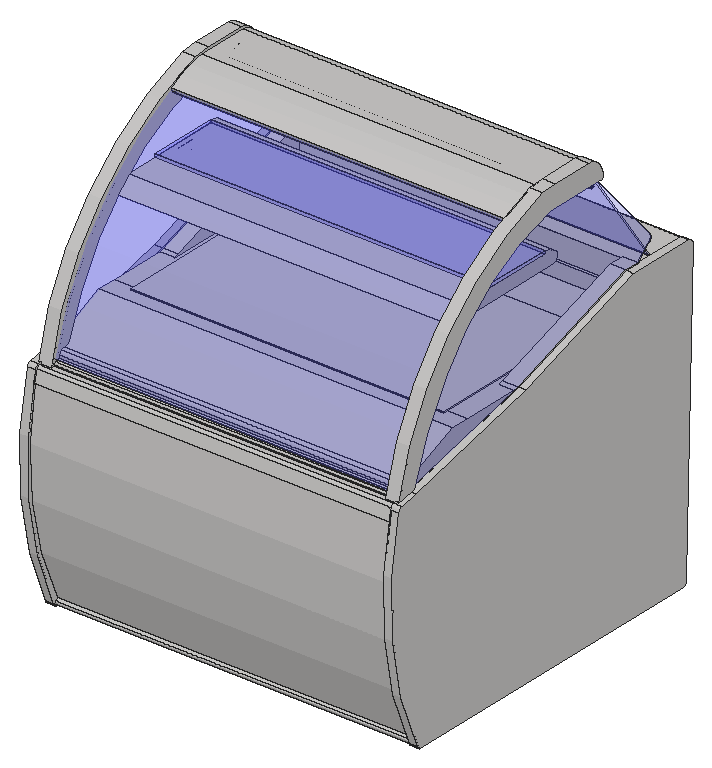
Revit family "Food-Service-Equipment_Oscartek_CS1100-52H", category Specialty Equipment, Revit 2026
Family settings
  Round Connector Dimension = Use Diameter
  Part Type = Normal
  Classification Number = 23.40.40.11
  Work Plane-Based = No
  Enable Cutting in Views = No
  Always vertical = Yes
  Cut with Voids When Loaded = No
  Maintain Annotation Orientation = No
  Shared = No
  Room Calculation Point = No
Parameters
  Weight in Pounds = 239
  Watts = 500 VA  # 500 W
  Volts = 220 V  # constant formula
  URL Cutsheet = "www.oscartek.com"
  URL = "www.oscartek.com"
  Type Mark [instance] = ""
  Type Comments = "As Specified"
  Test Data = "http://www.oscartek.com/company/clients.php"
  Status [instance] = ""
  Specification by User [instance] = ""
  Specification by Manufacturer = ""
  Specification = "https://www.arcat.com/arcatcos/cos48/arc48760.html"
  Show Clearance [instance] = yes
  Serial Number = ""
  Seismic Rating = ""
  Sales Information = "http://www.oscartek.com/company/contact.php"
  SMACNA No = ""
  Revision Code [instance] = ""
  Revision = "R1_2018-10"
  Product Data = "http://www.oscartek.com/support/manuals/"
  Phase = 1  # constant formula
  Omniclass Number and Title = ""
  Number of Poles [instance] = 1
  NAFEM Spec ID Number = ""
  Model = "CS1100-52H"
  Min Ckt Ampacity = 0 A
  Max Overcurrent Protection = 0 A
  Masterspec = ""
  Manufacturer Website = "http://www.oscartek.com/index.php"
  Manufacturer Phone - Toll Free = "855-885-2400"
  Manufacturer Phone = "650-342-2400"
  Manufacturer Fax = "650-342-7400"
  Manufacturer Address = "361 Beach Rd., Burlingame, CA 94010"
  Manufacturer = "OSCARTEK"
  Light Length [instance] = Length - 6.00"  # 39.67"
  Length = 45.67"  # constant formula
  Item Number [instance] = ""
  Installed By [instance] = ""
  Installation-Fabrication = "http://www.oscartek.com/support/manuals/"
  Identify Quantity as Lot [instance] = yes
  Height = 52.73"  # constant formula
  HP = ""
  Green Building-LEED = "https://www.arcat.com/green/green_building.shtml"
  Furnished By [instance] = ""
  Foodservice Equipment Identifier [instance] = yes
  FL Amps = Watts / Volts  # 2.27273 A
  Electrical Remarks [instance] = ""
  Electric Connection Type [instance] = ""
  Elec Conn RI Height [instance] = 0.00"
  Elec Conn Connection Height [instance] = 0.00"
  Drawn By = "Sumex Design, Inc. / Robert S. Weygant, CSI, CDT, SCIP"
  Description = "CORA HOT SHOWCASES"
  Depth = 46.26"  # constant formula
  Default Elevation = 0.00"
  Cycle = 60 Hz  # constant formula
  Copyright = "©Arcat Inc."
  Construction Details = "http://www.oscartek.com/support/manuals/"
  Conn Plug = ""
  Conn Conduit = yes
  Category = ""
  CSI MasterFormat = "11 41 33"
  CSI Master Format = "Foodservice Shelving"
  Building Codes = "https://www.arcat.com/arcatcos/cos48/arc48760.html"
  Body Finish [instance] = QF_Finishes_Stainless Steel
  Base Height [instance] = 4.00"  # constant formula
  Apparent Power = if(Phase = 3, Volts * FL Amps * 1.73, Volts * FL Amps)  # 500 VA
Reference planes (in)
  plane 1 "BACK": y = 0
  plane 2: z = 0
  plane 3 "LEFT": x = 0
  plane 4 "RIGHT": x = 45.67
  plane 5 "FRONT": y = -46.26
  plane 6 "TOP": z = 52.73
  plane 7 "Center Y": x = 22.835
  plane 8 "Center X": y = -23.13
  plane 9: x = 44.97
  plane 10: x = 0.7
  plane 11: x = 44.67
  plane 12: x = 1
  plane 13: x = 3.62036
  plane 14: x = 42.04964
  plane 15: y = -14.82537
  plane 16 "legs": x = 41.13309
  plane 17: z = 5.77955
  plane 18 "Base Height": z = 4
  plane 19: y = -12.1605
Forms (in)
  Extrusion 1, solid, material "QF_Finishes_Stainless Steel" <- "Body Finish"
    sketch origin (0, 0, 0) x (0, 1, 0) y (0, 0, 1)
      loop
        line (-7.54053, 5.22229) -> (-7.54053, 4) -> (-1.91062, 4) -> (-1.91062, 5.22229) -> (-1.79244, 5.22229) -> (-1.79244, 17.9388) -> (-0.94996, 17.9388) -> (-0.94996, 36.36242) -> (-0.10692, 36.36242) -> (-0.10692, 38.06264)
        arc (-0.10692, 38.06264) -> (-0.11975, 38.09361) -> (-0.15073, 38.10644) r 0.0438
        line (-0.15073, 38.10644) -> (-6.9495, 38.10644)
        arc (-6.9495, 38.10644) -> (-6.97709, 38.09501) -> (-6.98852, 38.06742) r 0.03902
        line (-6.98852, 38.06742) -> (-6.98852, 35.26841) -> (-5.16261, 34.91351) -> (-5.16261, 25.63128) -> (-39.51159, 25.63128) -> (-39.51159, 26.4215) -> (-42.82225, 26.4215) -> (-42.82225, 28.25717) -> (-44.50308, 28.25717)
        arc (-44.50308, 28.25717) -> (-44.74203, 28.17546) -> (-44.88275, 27.96554) r 0.39368
        line (-44.88275, 27.96554) -> (-45.24434, 26.61607) -> (-45.14514, 26.58949)
        arc (-45.14514, 26.58949) -> (-45.63093, 13.72956) -> (-41.72178, 1.46855) r 37.33775
        line (-41.72178, 1.46855) -> (-42.0212, 1.21731)
        arc (-42.0212, 1.21731) -> (-42.09542, 0.9403) -> (-41.8605, 0.7758) r 0.25
        line (-41.8605, 0.7758) -> (-40.67989, 0.7758) -> (-40.67989, 1.0332)
        arc (-40.67989, 1.0332) -> (-44.11842, 9.62523) -> (-45.26979, 18.80788) r 36.2573
        line (-45.26979, 18.80788) -> (-41.89313, 18.80788) -> (-41.89313, 17.9703) -> (-33.87906, 17.9703) -> (-33.87906, 5.22229) -> (-33.60347, 5.22229) -> (-33.60347, 4) -> (-27.97356, 4) -> (-27.97356, 5.22229) -> (-7.54053, 5.22229)
    from 1 to 44.67
  Extrusion 2, solid, material "Glass"
    sketch origin (2.3, 0, 54.77047) x (0, 0, 1) y (0, -1, 0)
      loop
        line (-25.91996, 43.7075) -> (-25.98343, 43.41429)
        arc (-25.98343, 43.41429) -> (-12.75972, 36.71119) -> (-3.76382, 24.9268) r 33.25169
        line (-3.76382, 24.9268) -> (-3.49193, 25.05358)
        arc (-3.49193, 25.05358) -> (-12.53727, 36.98798) -> (-25.91996, 43.7075) r 33.06086
    from 0 to 41.07
  Extrusion 3, solid, material "QF_Finishes_Stainless Steel" <- "Body Finish"
    sketch origin (0, 0, 0) x (0, 1, 0) y (0, 0, 1)
      loop
        arc (-0.94756, 1.10041) -> (-0.18043, 19.43567) -> (0.00005, 37.78608) r 573.86181
        arc (0.00005, 37.78608) -> (-0.17667, 38.20723) -> (-0.59889, 38.38135) r 0.59896
        line (-0.59889, 38.38135) -> (-8.94181, 38.38135)
        arc (-8.94181, 38.38135) -> (-17.1246, 35.38304) -> (-25.43949, 32.77335) r 185.03128
        arc (-25.43949, 32.77335) -> (-33.84459, 30.56365) -> (-42.34419, 28.75105) r 185.03124
        line (-42.34419, 28.75105) -> (-44.53594, 28.35093)
        arc (-44.53594, 28.35093) -> (-44.84185, 28.19741) -> (-45.01681, 27.90323) r 0.6096
        arc (-45.01681, 27.90323) -> (-46.03796, 14.13488) -> (-42.19741, 0.87364) r 38.99496
        arc (-42.19741, 0.87364) -> (-41.97006, 0.62344) -> (-41.64494, 0.53075) r 0.61651
        line (-41.64494, 0.53075) -> (-1.55115, 0.53075)
        arc (-1.55115, 0.53075) -> (-1.13617, 0.69565) -> (-0.94756, 1.10041) r 0.60459
    from 0 to 1
  Extrusion 4, solid, material "QF_Finishes_Stainless Steel" <- "Body Finish"
    sketch origin (45.67, 0, 0) x (0, 1, 0) y (0, 0, 1)
      loop
        line (-0.59889, 38.38135) -> (-8.94181, 38.38135)
        arc (-8.94181, 38.38135) -> (-17.1246, 35.38304) -> (-25.43949, 32.77335) r 185.03128
        arc (-25.43949, 32.77335) -> (-33.84459, 30.56365) -> (-42.34419, 28.75105) r 185.03124
        line (-42.34419, 28.75105) -> (-44.53594, 28.35093)
        arc (-44.53594, 28.35093) -> (-44.84185, 28.19741) -> (-45.01681, 27.90323) r 0.6096
        arc (-45.01681, 27.90323) -> (-46.03796, 14.13488) -> (-42.19741, 0.87364) r 38.99496
        arc (-42.19741, 0.87364) -> (-41.97006, 0.62344) -> (-41.64494, 0.53075) r 0.61651
        line (-41.64494, 0.53075) -> (-1.55115, 0.53075)
        arc (-1.55115, 0.53075) -> (-1.13617, 0.69565) -> (-0.94756, 1.10041) r 0.60459
        arc (-0.94756, 1.10041) -> (-0.18043, 19.43567) -> (0.00005, 37.78608) r 573.86181
        arc (0.00005, 37.78608) -> (-0.17667, 38.20723) -> (-0.59889, 38.38135) r 0.59896
    from 0 to -1
  Extrusion 5, solid, material "QF_Finishes_Stainless Steel"
    sketch origin (1.13, 0, 36.88846) x (0, 0, 1) y (0, -1, 0)
      loop
        line (-7.78052, 43.03461) -> (-8.06141, 43.03461) -> (-8.22273, 43.63668)
        arc (-8.22273, 43.63668) -> (-8.31202, 43.77032) -> (-8.46421, 43.82198) r 0.25
        line (-8.46421, 43.82198) -> (-8.63129, 43.82198) -> (-8.63129, 42.82225) -> (-11.25718, 42.82225) -> (-11.25718, 5.79077) -> (-2.39475, 5.79077) -> (-2.39475, 6.38129) -> (-4.25703, 6.38129) -> (-4.25703, 33.09995) -> (-4.25701, 35.43633) -> (-7.32852, 42.36535) -> (-7.16475, 42.36535) -> (-7.34849, 42.75938)
        arc (-7.34849, 42.75938) -> (-7.52439, 42.95996) -> (-7.78052, 43.03461) r 0.47669
    from 0 to 43.41
  Extrusion 6, solid, material "QF_Finishes_Stainless Steel" <- "Body Finish"
    sketch origin (1.13, 0, 36.88846) x (0, 0, 1) y (0, -1, 0)
      loop
        arc (13.92309, 14.08875) -> (13.88544, 14.08943) -> (13.85074, 14.07479) r 0.09094
        line (13.85074, 14.07479) -> (13.41827, 13.77401) -> (13.47325, 13.69496) -> (13.87759, 13.97618) -> (13.96751, 13.84689) -> (13.56316, 13.56568) -> (13.60362, 13.5075) -> (14.29851, 13.99078)
        arc (14.29851, 13.99078) -> (14.37901, 14.19161) -> (14.22647, 14.34505) r 0.19684
        arc (14.22647, 14.34505) -> (14.19835, 14.35562) -> (14.17472, 14.3742) r 0.09842
        arc (14.17472, 14.3742) -> (14.03852, 14.31697) -> (14.17925, 14.27201) r 0.07874
        arc (14.17925, 14.27201) -> (14.19753, 14.28504) -> (14.21996, 14.28595) r 0.03937
        arc (14.21996, 14.28595) -> (14.32169, 14.17702) -> (14.26479, 14.03926) r 0.13779
        line (14.26479, 14.03926) -> (14.12462, 13.94178)
        arc (14.12462, 13.94178) -> (14.08994, 13.93667) -> (14.06493, 13.96124) r 0.03937
        arc (14.06493, 13.96124) -> (14.01049, 14.04332) -> (13.92309, 14.08875) r 0.19684
      loop
        arc (13.12189, 14.36452) -> (13.08424, 14.3652) -> (13.04954, 14.35056) r 0.09094
        line (13.04954, 14.35056) -> (12.61706, 14.04978) -> (12.67204, 13.97073) -> (13.07639, 14.25195) -> (13.1663, 14.12266) -> (12.76195, 13.84145) -> (12.80242, 13.78327) -> (13.4973, 14.26655)
        arc (13.4973, 14.26655) -> (13.57781, 14.46738) -> (13.42527, 14.62081) r 0.19684
        arc (13.42527, 14.62081) -> (13.39714, 14.63139) -> (13.37352, 14.64997) r 0.09842
        arc (13.37352, 14.64997) -> (13.23732, 14.59274) -> (13.37805, 14.54778) r 0.07874
        arc (13.37805, 14.54778) -> (13.39632, 14.56081) -> (13.41875, 14.56172) r 0.03937
        arc (13.41875, 14.56172) -> (13.52048, 14.45279) -> (13.46358, 14.31503) r 0.13779
        line (13.46358, 14.31503) -> (13.32341, 14.21755)
        arc (13.32341, 14.21755) -> (13.28873, 14.21244) -> (13.26372, 14.23701) r 0.03937
        arc (13.26372, 14.23701) -> (13.20928, 14.31909) -> (13.12189, 14.36452) r 0.19684
    from 0 to 43.41
  Extrusion 7, solid, material "QF_Finishes_Stainless Steel"
    sketch origin (0.7, 0, 54.77047) x (0, 0, 1) y (0, -1, 0)
      loop
        arc (-4.26702, 12.94678) -> (-2.57553, 13.44268) -> (-1.84305, 15.04597) r 2.12095
        line (-1.84305, 15.04597) -> (-1.84305, 20.09157)
        arc (-1.84305, 20.09157) -> (-1.89253, 21.10052) -> (-2.04047, 22.09979) r 10.31274
        arc (-2.04047, 22.09979) -> (-11.28599, 36.47351) -> (-26.5133, 44.23318) r 32.75274
        line (-26.5133, 44.23318) -> (-26.5133, 42.03581)
        arc (-26.5133, 42.03581) -> (-20.8393, 39.87451) -> (-15.55436, 36.88538) r 40.30328
        arc (-15.55436, 36.88538) -> (-8.50112, 29.94103) -> (-4.48131, 20.89596) r 26.55211
        line (-4.48131, 20.89596) -> (-4.48131, 13.19422)
        arc (-4.48131, 13.19422) -> (-4.42029, 13.03056) -> (-4.26702, 12.94678) r 0.25
    from 0 to 1.6
  Extrusion 8, solid, material "QF_Finishes_Stainless Steel"
    sketch origin (44.97, 0, 54.77047) x (0, 0, 1) y (0, 1, 0)
      loop
        arc (-15.55436, -36.88538) -> (-20.8393, -39.87451) -> (-26.5133, -42.03581) r 40.30328
        line (-26.5133, -42.03581) -> (-26.5133, -44.23318)
        arc (-26.5133, -44.23318) -> (-11.28599, -36.47351) -> (-2.04047, -22.09979) r 32.75274
        arc (-2.04047, -22.09979) -> (-1.89253, -21.10052) -> (-1.84305, -20.09157) r 10.31274
        line (-1.84305, -20.09157) -> (-1.84305, -15.04597)
        arc (-1.84305, -15.04597) -> (-2.57553, -13.44268) -> (-4.26702, -12.94678) r 2.12095
        arc (-4.26702, -12.94678) -> (-4.42029, -13.03056) -> (-4.48131, -13.19422) r 0.25
        line (-4.48131, -13.19422) -> (-4.48131, -20.89596)
        arc (-4.48131, -20.89596) -> (-8.50112, -29.94103) -> (-15.55436, -36.88538) r 26.55211
    from 0 to 1.6
  Extrusion 9, solid, material "Glass"
    sketch origin (44.67, 0, 36.88846) x (0, 0, 1) y (0, 1, 0)
      loop
        arc (3.94589, -5.23419) -> (3.33105, -5.04036) -> (2.7775, -5.37078) r 0.78737
        arc (2.7775, -5.37078) -> (2.42316, -5.86391) -> (2.05687, -6.34823) r 24.85175
        arc (2.05687, -6.34823) -> (1.44661, -6.83504) -> (0.68122, -6.98852) r 1.65747
        line (0.68122, -6.98852) -> (-10.46696, -6.98852) -> (-10.46696, -44.19833)
        arc (-10.46696, -44.19833) -> (4.43626, -37.7169) -> (14.45057, -24.91734) r 33.06086
        line (14.45057, -24.91734) -> (13.40071, -22.58485) -> (13.40071, -13.4527) -> (3.94589, -5.23419)
    from 0 to 0.13
  Extrusion 10, solid, material "Glass"
    sketch origin (1.13, 0, 36.88846) x (0, 0, 1) y (0, -1, 0)
      loop
        line (13.1663, 14.12266) -> (13.0754, 14.25125) -> (1.21798, 5.86926) -> (1.30888, 5.74067) -> (13.1663, 14.12266)
    from -0.005 to 22.105
  Extrusion 11, solid, material "Glass"
    sketch origin (44.54, 0, 36.88846) x (0, 0, 1) y (0, 1, 0)
      loop
        line (13.96751, -13.84689) -> (1.3079, -5.04239) -> (1.21798, -5.17168) -> (13.87759, -13.97618) -> (13.96751, -13.84689)
    from 0 to 22.105
  Extrusion 12, solid, material "QF_Finishes_Stainless Steel"
    sketch origin (1, 0, 0) x (0, 1, 0) y (0, 0, 1)
      loop
        line (-40.87333, 29.03495) -> (-36.71213, 26.82339) -> (-36.71213, 26.4215) -> (-5.16261, 26.4215) -> (-5.16261, 34.91351) -> (-6.98852, 35.26841) -> (-6.98852, 38.38135) -> (-8.94181, 38.38135)
        arc (-8.94181, 38.38135) -> (-17.1246, 35.38304) -> (-25.43949, 32.77335) r 185.03128
        arc (-25.43949, 32.77335) -> (-29.80269, 31.57359) -> (-34.19393, 30.48088) r 185.03124
        arc (-34.19393, 30.48088) -> (-37.52695, 29.72708) -> (-40.87333, 29.03495) r 185.03124
    from 0 to 1.9
  Extrusion 13, solid, material "QF_Finishes_Stainless Steel"
    sketch origin (44.67, 0, 36.88846) x (0, 0, 1) y (0, 1, 0)
      loop
        arc (-6.40757, -34.19393) -> (-5.31487, -29.80269) -> (-4.11511, -25.43949) r 185.03124
        arc (-4.11511, -25.43949) -> (-1.50541, -17.1246) -> (1.4929, -8.94181) r 185.03128
        line (1.4929, -8.94181) -> (1.4929, -6.98852) -> (-1.62005, -6.98852) -> (-1.97495, -5.16261) -> (-10.46696, -5.16261) -> (-10.46696, -36.71213) -> (-10.06507, -36.71213) -> (-7.85351, -40.87333)
        arc (-7.85351, -40.87333) -> (-7.16138, -37.52695) -> (-6.40757, -34.19393) r 185.03124
    from 0 to 1.9
  Extrusion 14, solid, material "QF_Finishes_Stainless Steel"
    sketch origin (2.3, 0, 54.77047) x (0, 0, 1) y (0, -1, 0)
      loop
        arc (-2.04047, 21.26996) -> (-2.63764, 23.68297) -> (-3.76382, 25.89905) r 10.94679
        line (-3.76382, 25.89905) -> (-4.25174, 25.69193)
        arc (-4.25174, 25.69193) -> (-4.34604, 25.59793) -> (-4.34898, 25.46481) r 0.1784
        line (-4.34898, 25.46481) -> (-4.08766, 22.9785) -> (-4.48131, 22.58485) -> (-4.48131, 20.89596) -> (-2.35542, 20.89596) -> (-2.35542, 15.16453) -> (-4.221, 15.16453) -> (-4.221, 14.91453) -> (-4.73623, 14.91453) -> (-4.73623, 14.43169) -> (-4.54236, 14.43169) -> (-4.54236, 14.51078) -> (-4.65749, 14.51078) -> (-4.65749, 14.82537) -> (-3.94886, 14.82537) -> (-3.94886, 14.15611) -> (-3.73531, 14.15611) -> (-3.73531, 14.23484) -> (-3.85044, 14.23484) -> (-3.85044, 14.82537) -> (-2.29623, 14.82537)
        arc (-2.29623, 14.82537) -> (-2.95692, 13.60137) -> (-4.29744, 13.2303) r 1.77379
        arc (-4.29744, 13.2303) -> (-4.4379, 13.12295) -> (-4.33056, 12.9825) r 0.125
        arc (-4.33056, 12.9825) -> (-2.76164, 13.43815) -> (-2.04047, 14.90411) r 2.02379
        line (-2.04047, 14.90411) -> (-2.04047, 21.26996)
    from 0 to 41.07
  Extrusion 15, solid, material "Glass"
    sketch origin (1, 0, 36.88846) x (0, 0, 1) y (0, -1, 0)
      loop
        line (3.94589, 5.23419) -> (13.40071, 13.4527) -> (13.40071, 22.58485) -> (14.45394, 24.90972)
        arc (14.45394, 24.90972) -> (4.43956, 37.71435) -> (-10.46696, 44.19833) r 33.06086
        line (-10.46696, 44.19833) -> (-10.46696, 6.98852) -> (0.68122, 6.98852)
        arc (0.68122, 6.98852) -> (1.44661, 6.83504) -> (2.05687, 6.34823) r 1.65747
        arc (2.05687, 6.34823) -> (2.42316, 5.86391) -> (2.7775, 5.37078) r 24.85175
        arc (2.7775, 5.37078) -> (3.33105, 5.04036) -> (3.94589, 5.23419) r 0.78737
    from 0 to 0.13
  Extrusion 16, solid, material "QF_Finishes_Stainless Steel"
    sketch origin (2.3, 0, 54.77047) x (0, 0, 1) y (0, -1, 0)
      loop
        arc (-10.3811, 32.34729) -> (-11.15055, 33.18628) -> (-11.95526, 33.99151) r 26.55211
        line (-11.95526, 33.99151) -> (-11.95526, 25.91367)
        arc (-11.95526, 25.91367) -> (-11.07024, 25.91253) -> (-10.49916, 25.23642) r 1.05218
        line (-10.49916, 25.23642) -> (-10.49916, 23.27511)
        arc (-10.49916, 23.27511) -> (-11.07024, 22.59899) -> (-11.95526, 22.59786) r 1.05218
        line (-11.95526, 22.59786) -> (-11.95526, 18.55985)
        arc (-11.95526, 18.55985) -> (-11.38608, 17.97587) -> (-10.6006, 18.195) r 0.79953
        arc (-10.6006, 18.195) -> (-10.1874, 18.84444) -> (-10.05506, 19.60272) r 1.96703
        line (-10.05506, 19.60272) -> (-10.3811, 19.60272) -> (-10.3811, 32.34729)
    from 0 to 41.07
  Extrusion 17, solid, material "QF_Finishes_Stainless Steel"
    sketch origin (43.37, 0, 54.77047) x (0, 0, 1) y (0, -1, 0)
      loop
        line (-10.49916, 23.27511) -> (-10.49916, 25.23642)
        arc (-10.49916, 25.23642) -> (-11.07024, 25.91253) -> (-11.95526, 25.91367) r 1.05218
        line (-11.95526, 25.91367) -> (-11.95526, 22.59786)
        arc (-11.95526, 22.59786) -> (-11.07024, 22.59899) -> (-10.49916, 23.27511) r 1.05218
    from 0 to -0.5
  Extrusion 18, solid, material "QF_Finishes_Stainless Steel"
    sketch origin (2.3, 0, 54.77047) x (0, 0, -1) y (0, -1, 0)
      loop
        arc (11.95526, 25.91367) -> (11.07024, 25.91253) -> (10.49916, 25.23642) r 1.05218
        line (10.49916, 25.23642) -> (10.49916, 23.27511)
        arc (10.49916, 23.27511) -> (11.07024, 22.59899) -> (11.95526, 22.59786) r 1.05218
        line (11.95526, 22.59786) -> (11.95526, 25.91367)
    from 0 to -0.5
  Extrusion 19, solid, material "Glass"
    sketch origin (2.3, -32.34729, 44.38938) x (0, 1, 0) y (-1, 0, 0)
      loop
        line (12.66613, 0) -> (4.00508, 0) -> (4.00508, -41.07) -> (12.66613, -41.07) -> (12.66613, 0)
    from 0 to 0.40326
  Extrusion 20, solid, material "QF_Finishes_Door Clearance", visible <- "Show Clearance", detail levels coarse
    sketch origin (2.3, 0, 54.77047) x (0, 0, -1) y (0, -1, 0)
      loop
        arc (3.27457, 54.06973) -> (-1.31646, 38.20542) -> (2.33904, 22.09979) r 33.06086
        arc (2.33904, 22.09979) -> (11.34268, 35.94495) -> (25.91996, 43.7075) r 33.06086
        arc (25.91996, 43.7075) -> (15.64723, 51.1832) -> (3.27457, 54.06973) r 31.98363
    from 0 to -41.07
  Revolve 21, solid, material "QF_Finishes_Stainless Steel"
    sketch origin (41.13309, -0.01562, 0) x (0, 0, 1) y (0, 1, 0)
      loop
        line (4, -30.77025) -> (0, -30.77025) -> (0, -31.65466) -> (1.30421, -31.65466) -> (1.30421, -31.77277)
        arc (1.30421, -31.77277) -> (1.34411, -31.84352) -> (1.41397, -31.88497) r 0.15748
        line (1.41397, -31.88497) -> (4, -31.88497) -> (4, -30.77025)
      axis (0, -30.77025) -> (4, -30.77025)
    angle from 0 to 360
  Revolve 22, solid, material "QF_Finishes_Stainless Steel"
    sketch origin (4.53691, -0.01562, 0) x (0, 0, 1) y (0, -1, 0)
      loop
        line (4, 30.77025) -> (4, 31.88497) -> (1.41397, 31.88497)
        arc (1.41397, 31.88497) -> (1.34411, 31.84352) -> (1.30421, 31.77277) r 0.15748
        line (1.30421, 31.77277) -> (1.30421, 31.65466) -> (0, 31.65466) -> (0, 30.77025) -> (4, 30.77025)
      axis (0, 30.77025) -> (4, 30.77025)
    angle from 0 to 360
  Revolve 23, solid, material "QF_Finishes_Stainless Steel"
    sketch origin (41.13309, 25.95904, 0) x (0, 0, 1) y (0, 1, 0)
      loop
        line (4, -30.77025) -> (0, -30.77025) -> (0, -31.65466) -> (1.30421, -31.65466) -> (1.30421, -31.77277)
        arc (1.30421, -31.77277) -> (1.34411, -31.84352) -> (1.41397, -31.88497) r 0.15748
        line (1.41397, -31.88497) -> (4, -31.88497) -> (4, -30.77025)
      axis (0, -30.77025) -> (4, -30.77025)
    angle from 0 to 360
  Revolve 24, solid, material "QF_Finishes_Stainless Steel"
    sketch origin (4.53691, 25.95904, 0) x (0, 0, 1) y (0, -1, 0)
      loop
        line (4, 30.77025) -> (4, 31.88497) -> (1.41397, 31.88497)
        arc (1.41397, 31.88497) -> (1.34411, 31.84352) -> (1.30421, 31.77277) r 0.15748
        line (1.30421, 31.77277) -> (1.30421, 31.65466) -> (0, 31.65466) -> (0, 30.77025) -> (4, 30.77025)
      axis (0, 30.77025) -> (4, 30.77025)
    angle from 0 to 360
  Extrusion 25, solid, material "QF_Finishes_Stainless Steel"
    sketch origin (4.5625, -1.79244, 5.18222) x (0, 0, 1) y (1, 0, 0)
      loop
        line (12.69437, 34.13628) -> (10.56839, 34.13628) -> (10.56839, 23.82134) -> (12.69437, 23.82134) -> (12.69437, 34.13628)
    from 0 to 1
  Extrusion 26, solid, material "QF_Finishes_Stainless Steel"
    sketch origin (1.13, -35.42799, 32.63145) x (0, 1, 0) y (-1, 0, 0)
      loop
        line (23.26749, -14.3146) -> (23.26749, -2.49036) -> (1.73663, -2.49036) -> (1.73663, -15.02558) -> (1.73663, -27.8248) -> (1.73663, -40.91964) -> (13.68252, -40.91964) -> (23.26749, -40.91964) -> (23.26749, -27.92934) -> (23.26749, -14.3146)
    from 0 to 0.125
Cuts and joins
  joined: Extrusion 5, Extrusion 7, Extrusion 8
  joined: Extrusion 12, Extrusion 13
  joined: Extrusion 16, Extrusion 17, Extrusion 18
Lines and regions (in)
  Split face 1
    outline origin (4.5625, -0.79244, 5.18222) x (0, 0, 1) y (1, 0, 0)
      loop
        line (12.29069, 32.58986) -> (11.03626, 32.58986)
        arc (11.03626, 32.58986) -> (10.98209, 32.56648) -> (10.96196, 32.51102) r 0.07442
        line (10.96196, 32.51102) -> (10.96196, 25.44659)
        arc (10.96196, 25.44659) -> (10.98278, 25.39178) -> (11.03626, 25.36775) r 0.07659
        line (11.03626, 25.36775) -> (12.29069, 25.36775)
        arc (12.29069, 25.36775) -> (12.34558, 25.39068) -> (12.36787, 25.44583) r 0.07718
        line (12.36787, 25.44583) -> (12.36787, 32.51178)
        arc (12.36787, 32.51178) -> (12.34532, 32.56668) -> (12.29069, 32.58986) r 0.07808
  symbolic lines, style "QF-Surface Details"
    curve 1: line (10.73362, -10.0092, 0) -> (13.9156, -6.82721, 0)
    curve 2: line (10.40315, -11.44987, 0) -> (15.3529, -6.50013, 0)
    curve 3: line (11.99583, -11.27141, 0) -> (15.35459, -7.91265, 0)
    curve 4: line (30.06862, -10.0092, 0) -> (33.2506, -6.82721, 0)
    curve 5: line (29.73815, -11.44987, 0) -> (34.6879, -6.50013, 0)
    curve 6: line (31.33083, -11.27141, 0) -> (34.68959, -7.91265, 0)
    curve 7: line (7.48362, -35.2592, 0) -> (10.6656, -32.07721, 0)
    curve 8: line (7.15315, -36.69987, 0) -> (12.1029, -31.75013, 0)
    curve 9: line (8.74583, -36.52141, 0) -> (12.10459, -33.16265, 0)
    curve 10: line (33.81862, -35.2592, 0) -> (37.0006, -32.07721, 0)
    curve 11: line (33.48815, -36.69987, 0) -> (38.4379, -31.75013, 0)
    curve 12: line (35.08083, -36.52141, 0) -> (38.43959, -33.16265, 0)
    curve 13: line (21.0203, -35.2592, 0) -> (24.20228, -32.07721, 0)
    curve 14: line (20.68983, -36.69987, 0) -> (25.63958, -31.75013, 0)
    curve 15: line (22.28251, -36.52141, 0) -> (25.64127, -33.16265, 0)
  symbolic lines, style "SpecialityEquipment"
    curve 16: line (22.435, -5.04239, 0) -> (22.435, -12.92503, 0)
  symbolic lines
    curve 17: line (44.54, -5.04239, 0) -> (22.435, -5.04239, 0)
    curve 18: line (22.435, -5.74067, 0) -> (1.13, -5.74067, 0)
    curve 19: line (43.37, -14.82537, 0) -> (2.3, -14.82537, 0)
    curve 20: line (0.7, -12.92503, 0) -> (0.7, -44.20017, 0)
    curve 21: line (2.3, -44.20017, 0) -> (2.3, -12.92503, 0)
    curve 22: line (1, -46.24838, 0) -> (1, -44.20017, 0)
    curve 23: line (43.37, -12.92503, 0) -> (43.37, -44.20017, 0)
    curve 24: line (44.97, -44.20017, 0) -> (44.97, -12.92503, 0)
    curve 25: line (44.67, -0.10692, 0) -> (44.67, -12.92503, 0)
    curve 26: line (44.54, -5.04239, 0) -> (44.54, -12.92503, 0)
    curve 27: line (1.13, -12.92503, 0) -> (1.13, -5.03503, 0)
    curve 28: line (0.7, -12.92503, 0) -> (44.97, -12.92503, 0)
    curve 29: line (2.3, -21.26996, 0) -> (43.37, -21.26996, 0)
    curve 30: line (43.37, -25.80676, 0) -> (2.3, -25.80676, 0)
    curve 31: line (2.3, -44.20017, 0) -> (0.7, -44.20017, 0)
    curve 32: line (43.37, -44.20017, 0) -> (44.97, -44.20017, 0)
    curve 33: line (45.67, -46.24838, 0) -> (44.67, -46.24838, 0)
    curve 34: line (0, -46.24838, 0) -> (1, -46.24838, 0)
    curve 35: line (1, -45.24434, 0) -> (44.67, -45.24434, 0)
    curve 36: line (1, -44.50308, 0) -> (44.67, -44.50308, 0)
    curve 37: line (1, -45.97287, 0) -> (44.67, -45.97287, 0)
    curve 38: line (2.3, -43.7075, 0) -> (43.37, -43.7075, 0)
    curve 39: line (1, -0.10692, 0) -> (44.67, -0.10692, 0)
    curve 40: line (44.67, 0, 0) -> (45.67, 0, 0)
    curve 41: line (1, 0.00005, 0) -> (0, 0.00005, 0)
    curve 42: line (45.67, -46.24838, 0) -> (45.67, 0, 0)
    curve 43: line (0, 0.00005, 0) -> (0, -46.24838, 0)
    curve 44: line (1.13, -5.03503, 0) -> (1, -5.03503, 0)
    curve 45: line (44.54, -5.03503, 0) -> (44.67, -5.03503, 0)
    curve 46: line (44.67, -44.20017, 0) -> (44.67, -46.24838, 0)
    curve 47: line (1, -12.92503, 0) -> (1, -0.10692, 0)
  symbolic lines, style "QF-Door Swings"
    curve 48: line (2.3, -45.97287, 0) -> (2.3, -54.06973, 0)
    curve 49: line (2.3, -54.06973, 0) -> (43.37, -54.06973, 0)
    curve 50: line (43.37, -54.06973, 0) -> (43.37, -45.97287, 0)
Dimensions and locks (in)
  equal spacing: plane 3 "LEFT", plane 7 "Center Y", plane 4 "RIGHT"
  "Length": plane 3 "LEFT" to plane 4 "RIGHT"
  equal spacing: plane 5 "FRONT", plane 8 "Center X", plane 1 "BACK"
  "Depth": plane 5 "FRONT" to plane 1 "BACK"
  locked: plane 9 to plane 4 "RIGHT" at 0.7
  locked: plane 10 to plane 3 "LEFT" at 0.7
  locked: Extrusion 8 to plane 9 at 1.6
  locked: Extrusion 7 to plane 10 at 1.6
  locked: plane 11 to plane 4 "RIGHT" at 1
  locked: plane 12 to plane 3 "LEFT" at 1
  locked: Extrusion 9 to plane 4 "RIGHT" at 1.13
  locked: Extrusion 15 to plane 3 "LEFT" at 1.13
  Extrusion 10 to plane 7 "Center Y" to Extrusion 11 = 0.40" locked, 0.40" locked
  equal spacing: plane 14, plane 7 "Center Y", plane 13
  "Height": plane 6 "TOP" to level
  Extrusion 4 sketch curve to Extrusion 4 sketch curve to Extrusion 4 sketch curve to Extrusion 4 sketch curve to Extrusion 4 sketch curve to Extrusion 4 sketch curve to level = 10.03043" locked, 0.44769" locked, 26.80282", 0.22677" locked, 0.34289" locked, 0.53075" locked
  Extrusion 3 sketch curve to Extrusion 3 sketch curve to Extrusion 3 sketch curve to Extrusion 3 sketch curve to Extrusion 3 sketch curve to Extrusion 3 sketch curve to level = 10.03043" locked, 0.44769" locked, 26.80282", 0.22677" locked, 0.34289" locked, 0.53075" locked
  Extrusion 5 sketch curve to Extrusion 5 sketch curve to Extrusion 5 sketch curve to plane 5 "FRONT" = 0.66926" locked, 0.78737" locked, 2.43802" locked
  Extrusion 11 sketch curve to Extrusion 11 sketch curve to plane 1 "BACK" = 0.12928" locked, 5.04239" locked
  Extrusion 11 sketch curve to Extrusion 11 sketch curve to level = 0.08991" locked, 38.10644" locked
  Extrusion 10 sketch curve to Extrusion 10 sketch curve to plane 1 "BACK" = 0.12859" locked, 5.74067" locked
  Extrusion 10 sketch curve to Extrusion 10 sketch curve to level = 0.0909" locked, 38.10644" locked
  locked: nested 1 to plane 6 "TOP" at 0.91621
  Extrusion 14 sketch curve to Extrusion 14 sketch curve to Extrusion 14 sketch curve to Extrusion 14 sketch curve to Extrusion 14 sketch curve to Extrusion 14 sketch curve to Extrusion 14 sketch curve to Extrusion 14 sketch curve to Extrusion 14 sketch curve to Extrusion 14 sketch curve to Extrusion 14 sketch curve to plane 1 "BACK" = 0.37133" locked, 2.54921" locked, 0.39365" locked, 1.68889" locked, 5.73143" locked, 0.25" locked, 0.08916" locked, 0.39368" locked, 0.27558" locked, 1.04971" locked, 13.1064" locked
  plane 6 "TOP" to Extrusion 2 sketch curve to Extrusion 2 sketch curve = 1.45145" locked, 0.2719" locked
  plane 5 "FRONT" to Extrusion 2 sketch curve to Extrusion 2 sketch curve = 2.5525" locked, 0.29321" locked
  plane 8 "Center X" to Extrusion 2 sketch curve to Extrusion 2 sketch curve = 1.7968" locked, 0.12679" locked
  Extrusion 2 sketch curve to Extrusion 2 sketch curve to level = 0.06347" locked, 28.78705" locked
  plane 6 "TOP" to Extrusion 9 sketch curve to Extrusion 9 sketch curve = 1.39097" locked, 1.04987" locked
  Extrusion 9 sketch curve to Extrusion 9 sketch curve to Extrusion 9 sketch curve to Extrusion 9 sketch curve to Extrusion 9 sketch curve to Extrusion 9 sketch curve to level = 1.16838" locked, 0.72064" locked, 1.37565" locked, 11.14818" locked, 0.00" locked, 26.4215" locked
  plane 6 "TOP" to Extrusion 15 sketch curve to Extrusion 15 sketch curve = 1.3876" locked, 1.05323" locked
  Extrusion 15 sketch curve to Extrusion 15 sketch curve to level = 0.00" locked, 26.4215" locked
  plane 6 "TOP" to Extrusion 16 sketch curve to Extrusion 16 sketch curve to Extrusion 16 sketch curve to Extrusion 16 sketch curve = 8.01458", 0.32604" locked, 0.2195" locked, 1.35466" locked
  locked: nested 2 to plane 6 "TOP" at 8.9054
  locked: plane 16 "legs" to plane 4 "RIGHT" at 4.53691
  "Base Height": plane 18 "Base Height" to level
  aligned and locked: level to plane 2
  aligned and locked: plane 11 to Extrusion 4
  aligned and locked: Extrusion 3 to plane 12
  aligned and locked: Extrusion 1 to plane 11
  aligned and locked: Extrusion 2 to Extrusion 8
  aligned and locked: Extrusion 14 to Extrusion 8
  aligned and locked: Extrusion 11 to Extrusion 9
  aligned and locked: Extrusion 6 to Extrusion 9
  aligned and locked: Extrusion 5 to Extrusion 9
  aligned and locked: plane 7 "Center Y" to nested 1
  aligned and locked: curve 16 to Extrusion 11
  aligned and locked: curve 20 to cut or joined group of Extrusion 5, Extrusion 7, Extrusion 8
  aligned and locked: cut or joined group of Extrusion 5, Extrusion 7, Extrusion 8 to curve 21
  aligned and locked: curve 22 to Extrusion 3
  aligned and locked: curve 23 to cut or joined group of Extrusion 5, Extrusion 7, Extrusion 8
  aligned and locked: cut or joined group of Extrusion 5, Extrusion 7, Extrusion 8 to curve 24
  aligned and locked: Extrusion 4 to curve 25
  aligned and locked: Extrusion 9 sketch curve to Extrusion 2
  aligned and locked: Extrusion 15 sketch curve to Extrusion 9
  aligned and locked: plane 7 "Center Y" to nested 2
  aligned and locked: cut or joined group of Extrusion 16, Extrusion 17, Extrusion 18 to cut or joined group of Extrusion 5, Extrusion 7, Extrusion 8
  aligned and locked: Extrusion 20 to cut or joined group of Extrusion 5, Extrusion 7, Extrusion 8
  aligned and locked: curve 50 to Extrusion 20
  aligned and locked: Extrusion 26 to plane 19
Automatic sketch dimensions
  plane 18 "Base Height" to Extrusion 1 sketch curve = 0.00"  (x2)
  Extrusion 1 sketch curve to plane 5 "FRONT" = 0.99021"
  Extrusion 1 sketch curve to plane 5 "FRONT" = 1.01566"
  Extrusion 1 sketch curve to Extrusion 1 sketch curve = 0.0992"
  Extrusion 1 sketch curve to plane 5 "FRONT" = 1.37725"
  Extrusion 1 sketch curve to Extrusion 1 sketch curve = 0.00057"
  Extrusion 1 sketch curve to Extrusion 1 sketch curve = 0.37909"
  Extrusion 1 sketch curve to Extrusion 1 sketch curve = 0.00118"
  Extrusion 1 sketch curve to Extrusion 1 sketch curve = 1.68083"
  level to Extrusion 1 sketch curve = 1.21731"
  Extrusion 1 sketch curve to plane 5 "FRONT" = 4.2388"
  Extrusion 1 sketch curve to Extrusion 1 sketch curve = 3.37666"
  Extrusion 1 sketch curve to Extrusion 1 sketch curve = 0.1607"
  Extrusion 1 sketch curve to Extrusion 1 sketch curve = 0.29942"
  level to Extrusion 1 sketch curve = 0.7758"
  Extrusion 1 sketch curve to Extrusion 1 sketch curve = 1.18061"
  Extrusion 1 sketch curve to Extrusion 1 sketch curve = 3.31067"
  Extrusion 1 sketch curve to Extrusion 1 sketch curve = 8.01406"
  Extrusion 1 sketch curve to Extrusion 1 sketch curve = 0.27559"
  Extrusion 1 sketch curve to plane 8 "Center X" = 4.84356"
  plane 15 to Extrusion 1 sketch curve = 5.81269"
  Extrusion 1 sketch curve to Extrusion 1 sketch curve = 0.37756"
  plane 15 to Extrusion 1 sketch curve = 7.28484"
  plane 1 "BACK" to Extrusion 1 sketch curve = 6.98852"
  Extrusion 1 sketch curve to Extrusion 1 sketch curve = 0.03902"
  Extrusion 1 sketch curve to Extrusion 1 sketch curve = 1.82591"
  plane 1 "BACK" to Extrusion 1 sketch curve = 1.91062"
  Extrusion 1 sketch curve to Extrusion 1 sketch curve = 0.11818"
  Extrusion 1 sketch curve to Extrusion 1 sketch curve = 0.84248"
  plane 1 "BACK" to Extrusion 1 sketch curve = 0.15073"
  Extrusion 1 sketch curve to Extrusion 1 sketch curve = 0.0438"
  Extrusion 1 sketch curve to Extrusion 1 sketch curve = 0.25739"
  Extrusion 1 sketch curve to Extrusion 1 sketch curve = 0.25124"
  Extrusion 1 sketch curve to plane 17 = 0.55726"  (x3)
  plane 17 to Extrusion 1 sketch curve = 12.15925"
  plane 17 to Extrusion 1 sketch curve = 12.19075"
  Extrusion 1 sketch curve to Extrusion 1 sketch curve = 0.75167"
  Extrusion 1 sketch curve to Extrusion 1 sketch curve = 0.08069"
  Extrusion 1 sketch curve to Extrusion 1 sketch curve = 6.86012"
  Extrusion 1 sketch curve to Extrusion 1 sketch curve = 0.16799"
  Extrusion 1 sketch curve to Extrusion 1 sketch curve = 0.02658"
  Extrusion 1 sketch curve to Extrusion 1 sketch curve = 0.10205"
  Extrusion 1 sketch curve to Extrusion 1 sketch curve = 0.00015"
  Extrusion 1 sketch curve to Extrusion 1 sketch curve = 9.28223"
  Extrusion 1 sketch curve to Extrusion 1 sketch curve = 0.35489"
  Extrusion 1 sketch curve to Extrusion 1 sketch curve = 1.44891"
  Extrusion 1 sketch curve to Extrusion 1 sketch curve = 1.70021"
  Extrusion 3 sketch curve to plane 6 "TOP" = 18.47605"
  plane 5 "FRONT" to Extrusion 3 sketch curve = 527.59088"
  plane 5 "FRONT" to Extrusion 3 sketch curve = 30.41518"
  Extrusion 3 sketch curve to Extrusion 3 sketch curve = 0.00001"
  Extrusion 3 sketch curve to plane 5 "FRONT" = 1.24319"
  Extrusion 3 sketch curve to Extrusion 3 sketch curve = 0.00"  (x2)
  Extrusion 3 sketch curve to Extrusion 3 sketch curve = 0.48087"
  Extrusion 3 sketch curve to Extrusion 3 sketch curve = 0.10948"
  Extrusion 3 sketch curve to Extrusion 3 sketch curve = 2.19175"
  level to Extrusion 3 sketch curve = 0.87364"
  Extrusion 3 sketch curve to Extrusion 3 sketch curve = 2.22905"
  Extrusion 3 sketch curve to plane 8 "Center X" = 2.30949"
  plane 15 to Extrusion 3 sketch curve = 5.88356"
  plane 1 "BACK" to Extrusion 3 sketch curve = 1.55115"
  plane 1 "BACK" to Extrusion 3 sketch curve = 0.59889"
  Extrusion 3 sketch curve to plane 1 "BACK" = 0.00005"
  Extrusion 3 sketch curve to Extrusion 3 sketch curve = 0.40012"
  Extrusion 3 sketch curve to Extrusion 3 sketch curve = 4.0223"
  Extrusion 4 sketch curve to plane 6 "TOP" = 18.47605"
  plane 5 "FRONT" to Extrusion 4 sketch curve = 527.59088"
  plane 5 "FRONT" to Extrusion 4 sketch curve = 30.41518"
  Extrusion 4 sketch curve to Extrusion 4 sketch curve = 0.00001"
  Extrusion 4 sketch curve to plane 5 "FRONT" = 1.24319"
  Extrusion 4 sketch curve to Extrusion 4 sketch curve = 0.00"  (x2)
  Extrusion 4 sketch curve to Extrusion 4 sketch curve = 0.48087"
  Extrusion 4 sketch curve to Extrusion 4 sketch curve = 0.10948"
  Extrusion 4 sketch curve to Extrusion 4 sketch curve = 2.19175"
  level to Extrusion 4 sketch curve = 0.87364"
  Extrusion 4 sketch curve to Extrusion 4 sketch curve = 2.22905"
  Extrusion 4 sketch curve to plane 8 "Center X" = 2.30949"
  plane 15 to Extrusion 4 sketch curve = 5.88356"
  plane 1 "BACK" to Extrusion 4 sketch curve = 1.55115"
  plane 1 "BACK" to Extrusion 4 sketch curve = 0.59889"
  Extrusion 4 sketch curve to plane 1 "BACK" = 0.00005"
  Extrusion 4 sketch curve to Extrusion 4 sketch curve = 0.40012"
  Extrusion 4 sketch curve to Extrusion 4 sketch curve = 4.0223"
  Extrusion 7 sketch curve to plane 6 "TOP" = 0.00"
  plane 15 to Extrusion 7 sketch curve = 0.22061"
  plane 6 "TOP" to Extrusion 7 sketch curve = 1.92353"
  Extrusion 7 sketch curve to Extrusion 7 sketch curve = 0.26731"
  Extrusion 7 sketch curve to Extrusion 7 sketch curve = 0.03572"
  Extrusion 7 sketch curve to Extrusion 7 sketch curve = 0.00"  (x2)
  Extrusion 7 sketch curve to plane 8 "Center X" = 2.23404"
  Extrusion 7 sketch curve to Extrusion 7 sketch curve = 2.44083"
  Extrusion 7 sketch curve to plane 8 "Center X" = 3.03843"
  Extrusion 7 sketch curve to Extrusion 7 sketch curve = 7.67448"
  plane 6 "TOP" to Extrusion 7 sketch curve = 13.51388"
  plane 5 "FRONT" to Extrusion 7 sketch curve = 4.22419"
  Extrusion 7 sketch curve to Extrusion 7 sketch curve = 10.95895"
  Extrusion 7 sketch curve to plane 15 = 0.00125"
  Extrusion 7 sketch curve to Extrusion 7 sketch curve = 18.17406"
  Extrusion 7 sketch curve to Extrusion 7 sketch curve = 2.92565"
  plane 5 "FRONT" to Extrusion 7 sketch curve = 2.02682"
  Extrusion 8 sketch curve to plane 6 "TOP" = 0.00"
  Extrusion 8 sketch curve to plane 15 = 0.22061"
  Extrusion 8 sketch curve to plane 6 "TOP" = 1.92353"
  Extrusion 8 sketch curve to Extrusion 8 sketch curve = 0.26731"
  Extrusion 8 sketch curve to Extrusion 8 sketch curve = 0.03572"
  Extrusion 8 sketch curve to Extrusion 8 sketch curve = 0.00"  (x2)
  plane 8 "Center X" to Extrusion 8 sketch curve = 2.23404"
  Extrusion 8 sketch curve to Extrusion 8 sketch curve = 2.44083"
  plane 8 "Center X" to Extrusion 8 sketch curve = 3.03843"
  Extrusion 8 sketch curve to Extrusion 8 sketch curve = 7.67448"
  Extrusion 8 sketch curve to plane 6 "TOP" = 13.51388"
  Extrusion 8 sketch curve to plane 5 "FRONT" = 2.02682"
  Extrusion 8 sketch curve to Extrusion 8 sketch curve = 10.95895"
  plane 15 to Extrusion 8 sketch curve = 0.00125"
  plane 17 to Extrusion 8 sketch curve = 18.66107"
  plane 15 to Extrusion 8 sketch curve = 2.64348"
  plane 1 "BACK" to Extrusion 8 sketch curve = 3.39873"
  Extrusion 13 sketch curve to Extrusion 13 sketch curve = 0.00"  (x2)
  Extrusion 13 sketch curve to plane 5 "FRONT" = 9.54787"
  plane 17 to Extrusion 13 sketch curve = 20.64195"
  Extrusion 13 sketch curve to Extrusion 13 sketch curve = 0.40189"
  Extrusion 13 sketch curve to plane 5 "FRONT" = 5.38667"
  Extrusion 13 sketch curve to Extrusion 13 sketch curve = 2.21156"
  Extrusion 13 sketch curve to Extrusion 13 sketch curve = 3.6575"
  Extrusion 13 sketch curve to plane 8 "Center X" = 2.30949"
  Extrusion 13 sketch curve to Extrusion 13 sketch curve = 2.29247"
  plane 1 "BACK" to Extrusion 13 sketch curve = 5.16261"
  Extrusion 13 sketch curve to Extrusion 13 sketch curve = 8.49201"
  Extrusion 13 sketch curve to Extrusion 13 sketch curve = 0.35489"
  Extrusion 13 sketch curve to Extrusion 13 sketch curve = 3.11295"
  plane 5 "FRONT" to Extrusion 13 sketch curve = 30.41517"
  Extrusion 13 sketch curve to Extrusion 13 sketch curve = 0.00004"
  Extrusion 13 sketch curve to Extrusion 13 sketch curve = 0.00001"
  Extrusion 13 sketch curve to Extrusion 13 sketch curve = 1.9533"
  plane 6 "TOP" to Extrusion 20 sketch curve = 0.29857"
  Extrusion 20 sketch curve to Extrusion 20 sketch curve = 0.00"
  plane 6 "TOP" to Extrusion 20 sketch curve = 1.2341"
  plane 5 "FRONT" to Extrusion 20 sketch curve = 2.5525"
  Extrusion 20 sketch curve to plane 17 = 23.07097"
  Extrusion 20 sketch curve to Extrusion 20 sketch curve = 5.8103"
  Extrusion 20 sketch curve to plane 15 = 3.25556"
  Extrusion 20 sketch curve to level = 21.09232"
  Extrusion 20 sketch curve to plane 5 "FRONT" = 7.80973"
  Revolve 21 sketch curve to level = 0.00"
  plane 18 "Base Height" to Revolve 21 sketch curve = 0.00"  (x2)
  level to Revolve 21 sketch curve = 1.30421"
  Revolve 21 sketch curve to Revolve 21 sketch curve = 0.10976"
  Revolve 21 sketch curve to Revolve 21 sketch curve = 0.04272"
  Revolve 21 sketch curve to Revolve 21 sketch curve = 0.50"
  Revolve 21 sketch curve to plane 8 "Center X" = 8.7706"
  Revolve 21 sketch curve to Revolve 21 sketch curve = 0.1122"
  Revolve 21 sketch curve to Revolve 21 sketch curve = 0.11811"
  Revolve 21 sketch curve to Revolve 21 sketch curve = 1.11472"
  Revolve 21 sketch curve to Revolve 21 sketch curve = 0.00"
  Revolve 22 sketch curve to level = 0.00"
  plane 18 "Base Height" to Revolve 22 sketch curve = 0.00"  (x2)
  level to Revolve 22 sketch curve = 1.30421"
  Revolve 22 sketch curve to Revolve 22 sketch curve = 0.10976"
  Revolve 22 sketch curve to Revolve 22 sketch curve = 0.15248"
  Revolve 22 sketch curve to plane 18 "Base Height" = 0.50"
  Revolve 22 sketch curve to plane 8 "Center X" = 7.65588"
  Revolve 22 sketch curve to Revolve 22 sketch curve = 0.00"
  Revolve 22 sketch curve to Revolve 22 sketch curve = 0.88441"
  Revolve 22 sketch curve to Revolve 22 sketch curve = 0.07874"
  Revolve 22 sketch curve to Revolve 22 sketch curve = 0.11811"
  Revolve 23 sketch curve to level = 0.00"
  plane 18 "Base Height" to Revolve 23 sketch curve = 0.00"  (x2)
  level to Revolve 23 sketch curve = 1.30421"
  Revolve 23 sketch curve to Revolve 23 sketch curve = 0.10976"
  Revolve 23 sketch curve to Revolve 23 sketch curve = 0.04272"
  Revolve 23 sketch curve to Revolve 23 sketch curve = 0.50"
  plane 1 "BACK" to Revolve 23 sketch curve = 5.92593"
  Revolve 23 sketch curve to Revolve 23 sketch curve = 0.1122"
  Revolve 23 sketch curve to Revolve 23 sketch curve = 0.11811"
  Revolve 23 sketch curve to Revolve 23 sketch curve = 1.11472"
  Revolve 23 sketch curve to Revolve 23 sketch curve = 0.00"
  Revolve 24 sketch curve to level = 0.00"
  plane 18 "Base Height" to Revolve 24 sketch curve = 0.00"  (x2)
  level to Revolve 24 sketch curve = 1.30421"
  Revolve 24 sketch curve to Revolve 24 sketch curve = 0.10976"
  Revolve 24 sketch curve to Revolve 24 sketch curve = 0.04272"
  Revolve 24 sketch curve to plane 18 "Base Height" = 0.50"
  plane 1 "BACK" to Revolve 24 sketch curve = 4.81121"
  Revolve 24 sketch curve to Revolve 24 sketch curve = 0.00"
  Revolve 24 sketch curve to Revolve 24 sketch curve = 0.88441"
  Revolve 24 sketch curve to Revolve 24 sketch curve = 0.07874"
  Revolve 24 sketch curve to Revolve 24 sketch curve = 0.11811"
  curve 41 to plane 3 "LEFT" = 0.00"
  curve 44 to plane 12 = 0.00"
  curve 41 to plane 12 = 0.00"
  curve 35 to plane 11 = 0.00"
  plane 1 "BACK" to curve 40 = 0.00"
  curve 40 to plane 11 = 0.00"
  curve 33 to plane 4 "RIGHT" = 0.00"
  curve 19 to plane 15 = 0.00"
  curve 44 to curve 44 = 0.13"
  curve 48 to plane 5 "FRONT" = 0.28713"
  curve 37 to curve 48 = 1.30"
  curve 8 to plane 13 = 3.53279"
  curve 8 to curve 7 = 0.33047"
  curve 2 to curve 1 = 0.33047"
  curve 8 to curve 9 = 1.59268"
  plane 15 to curve 3 = 3.55396"
  curve 2 to curve 3 = 1.59268"
  curve 7 to curve 7 = 3.18198"
  curve 1 to curve 1 = 3.18198"
  curve 7 to curve 8 = 1.4373"
  curve 1 to curve 2 = 1.4373"
  curve 2 to curve 3 = 0.00169"
  curve 8 to curve 9 = 0.00169"
  curve 14 to plane 7 "Center Y" = 2.14517"
  curve 13 to plane 7 "Center Y" = 1.8147"
  curve 15 to plane 7 "Center Y" = 0.55249"
  plane 7 "Center Y" to curve 13 = 1.36728"
  curve 13 to curve 14 = 1.4373"
  curve 14 to curve 15 = 0.00169"
  plane 15 to curve 5 = 3.37549"
  curve 5 to curve 4 = 0.33047"
  curve 11 to curve 10 = 0.33047"
  plane 15 to curve 6 = 3.55396"
  curve 5 to curve 6 = 1.59268"
  curve 11 to curve 12 = 1.59268"
  curve 4 to curve 4 = 3.18198"
  curve 4 to curve 5 = 1.4373"
  curve 10 to curve 11 = 1.4373"
  curve 11 to curve 12 = 0.00169"
  curve 5 to curve 6 = 0.00169"
  plane 11 to curve 26 = 0.13"
  curve 45 to curve 17 = 0.00"
  curve 43 to plane 5 "FRONT" = 0.01162"
  curve 33 to plane 5 "FRONT" = 0.01162"
  plane 5 "FRONT" to curve 48 = 7.80973"
  curve 37 to curve 35 = 0.72853"
  curve 35 to curve 36 = 0.74125"
  curve 36 to curve 32 = 0.30291"
  curve 36 to curve 21 = 0.30291"
  curve 21 to curve 38 = 0.49267"
  curve 8 to plane 5 "FRONT" = 9.56013"
  curve 14 to curve 11 = 0.00"
  curve 14 to curve 15 = 0.17847"
  curve 11 to curve 12 = 0.17847"
  curve 8 to curve 9 = 0.17847"
  curve 8 to curve 7 = 1.44068"
  curve 14 to curve 13 = 1.44068"
  curve 11 to curve 10 = 1.44068"
  curve 12 to curve 12 = 3.35876"
  curve 15 to curve 15 = 3.35876"
  curve 9 to curve 9 = 3.35876"
  curve 9 to curve 7 = 1.08544"
  curve 12 to curve 10 = 1.08544"
  curve 15 to curve 13 = 1.08544"
  curve 15 to curve 14 = 1.41252"
  curve 12 to curve 11 = 1.41252"
  plane 8 "Center X" to curve 29 = 1.86004"
  plane 15 to curve 27 = 1.90034"
  curve 2 to curve 3 = 0.17847"
  curve 5 to curve 4 = 1.44068"
  curve 2 to curve 1 = 1.44068"
  curve 3 to curve 3 = 3.35876"
  curve 6 to curve 6 = 3.35876"
  curve 3 to curve 1 = 1.08544"
  curve 6 to curve 4 = 1.08544"
  curve 6 to curve 5 = 1.41252"
  curve 3 to curve 2 = 1.41252"
  plane 1 "BACK" to curve 18 = 5.74067"
  curve 18 to curve 17 = 0.69827"
  curve 17 to curve 45 = 0.00736"
  curve 18 to curve 44 = 0.70564"
  plane 1 "BACK" to curve 47 = 0.10692"
  curve 43 to plane 1 "BACK" = 0.00005"
  Extrusion 2 sketch curve to Extrusion 7 = 7.16486"
  Extrusion 2 sketch curve to Extrusion 2 sketch curve = 0.34919"
  Extrusion 5 sketch curve to Extrusion 15 = 0.79022"
  Extrusion 15 to Extrusion 5 sketch curve = 1.83567"
  Extrusion 5 sketch curve to Extrusion 5 sketch curve = 0.16707"
  Extrusion 5 sketch curve to Extrusion 5 sketch curve = 0.24148"
  Extrusion 5 sketch curve to Extrusion 5 sketch curve = 0.56988"
  Extrusion 5 sketch curve to Extrusion 5 sketch curve = 0.28089"
  Extrusion 5 sketch curve to Extrusion 5 sketch curve = 0.43203"
  Extrusion 5 sketch curve to Extrusion 5 sketch curve = 0.01997"
  Extrusion 5 sketch curve to Extrusion 5 sketch curve = 0.16377"
  Extrusion 5 sketch curve to Extrusion 15 = 0.60722"
  Extrusion 5 sketch curve to Extrusion 5 sketch curve = 1.86228"
  Extrusion 5 sketch curve to Extrusion 5 sketch curve = 0.1853"
  Extrusion 5 sketch curve to Extrusion 5 sketch curve = 0.21236"
  Extrusion 5 sketch curve to Extrusion 5 sketch curve = 0.39403"
  Extrusion 5 sketch curve to Extrusion 5 sketch curve = 6.92902"
  Extrusion 5 sketch curve to Extrusion 5 sketch curve = 2.33638"
  Extrusion 5 sketch curve to Extrusion 5 sketch curve = 0.59053"
  Extrusion 6 sketch curve to Extrusion 6 sketch curve = 0.00"  (x16)
  Extrusion 15 to Extrusion 6 sketch curve = 0.78365"
  Extrusion 6 sketch curve to Extrusion 6 sketch curve = 0.05498"
  Extrusion 6 sketch curve to Extrusion 6 sketch curve = 0.08991"  (x2)
  Extrusion 6 sketch curve to Extrusion 6 sketch curve = 0.04046"  (x2)
  Extrusion 15 to Extrusion 6 sketch curve = 0.35117"
  Extrusion 6 sketch curve to Extrusion 6 sketch curve = 0.02685"  (x2)
  Extrusion 6 sketch curve to Extrusion 6 sketch curve = 0.00129"  (x2)
  Extrusion 6 sketch curve to Extrusion 6 sketch curve = 0.02508"  (x2)
  Extrusion 6 sketch curve to Extrusion 6 sketch curve = 0.07235"  (x2)
  Extrusion 6 sketch curve to Extrusion 6 sketch curve = 0.08862"  (x2)
  Extrusion 15 to Extrusion 6 sketch curve = 0.13698"
  Extrusion 6 sketch curve to Extrusion 6 sketch curve = 0.03721"  (x2)
  Extrusion 15 to Extrusion 6 sketch curve = 0.08473"
  Extrusion 6 sketch curve to Extrusion 6 sketch curve = 0.02248"  (x2)
  Extrusion 15 to Extrusion 6 sketch curve = 0.02719"
  Extrusion 15 to Extrusion 6 sketch curve = 0.02266"
  Extrusion 15 to Extrusion 6 sketch curve = 0.0158"
  Extrusion 6 sketch curve to Extrusion 15 = 0.00837"
  Extrusion 6 sketch curve to Extrusion 15 = 0.01756"
  Extrusion 6 sketch curve to Extrusion 15 = 0.01804"
  Extrusion 6 sketch curve to Extrusion 15 = 0.02456"
  Extrusion 6 sketch curve to Extrusion 15 = 0.04474"
  Extrusion 6 sketch curve to Extrusion 15 = 0.06288"
  Extrusion 6 sketch curve to Extrusion 15 = 0.07254"
  Extrusion 6 sketch curve to Extrusion 6 sketch curve = 0.03372"  (x2)
  Extrusion 6 sketch curve to Extrusion 6 sketch curve = 0.35344"
  Extrusion 6 sketch curve to Extrusion 6 sketch curve = 0.09742"
  Extrusion 6 sketch curve to Extrusion 6 sketch curve = 0.19409"
  Extrusion 6 sketch curve to Extrusion 6 sketch curve = 0.05754"
  Extrusion 6 sketch curve to Extrusion 6 sketch curve = 0.06207"
  Extrusion 6 sketch curve to Extrusion 6 sketch curve = 0.00687"
  Extrusion 6 sketch curve to Extrusion 6 sketch curve = 0.03104"
  Extrusion 6 sketch curve to Extrusion 6 sketch curve = 0.00967"
  Extrusion 6 sketch curve to Extrusion 6 sketch curve = 0.05175"
  Extrusion 6 sketch curve to Extrusion 6 sketch curve = 0.07193"
  Extrusion 6 sketch curve to Extrusion 6 sketch curve = 0.07867"
  Extrusion 15 to Extrusion 6 sketch curve = 7.72863"
  Extrusion 6 sketch curve to Extrusion 6 sketch curve = 0.17482"
  Extrusion 6 sketch curve to Extrusion 6 sketch curve = 0.06363"  (x2)
  Extrusion 6 sketch curve to Extrusion 6 sketch curve = 0.01396"  (x2)
  plane 17 to Extrusion 9 sketch curve = 13.52905"
  Extrusion 9 sketch curve to Extrusion 9 sketch curve = 1.30966"
  Extrusion 9 sketch curve to Extrusion 9 sketch curve = 0.00"  (x2)
  Extrusion 9 sketch curve to Extrusion 9 sketch curve = 0.64497"
  plane 8 "Center X" to Extrusion 9 sketch curve = 0.54515"
  plane 15 to Extrusion 9 sketch curve = 1.37267"
  plane 1 "BACK" to Extrusion 9 sketch curve = 6.98852"
  Extrusion 9 sketch curve to Extrusion 9 sketch curve = 0.64028"
  Extrusion 15 to Extrusion 10 sketch curve = 0.32531"
  Extrusion 10 sketch curve to Extrusion 10 sketch curve = 0.0909"
  Extrusion 15 to Extrusion 10 sketch curve = 7.13415"
  Extrusion 10 sketch curve to Extrusion 10 sketch curve = 0.12859"
  Extrusion 9 to Extrusion 11 sketch curve = 0.47689"
  Extrusion 11 sketch curve to Extrusion 11 sketch curve = 0.08991"
  Extrusion 11 sketch curve to Extrusion 9 = 6.85838"
  Extrusion 11 sketch curve to Extrusion 11 sketch curve = 0.12928"
  Extrusion 12 sketch curve to Extrusion 12 sketch curve = 0.00"
  Extrusion 12 sketch curve to Extrusion 3 = 0.00"
  Extrusion 12 sketch curve to Extrusion 3 = 9.34641"
  Extrusion 12 sketch curve to Extrusion 3 = 11.55797"
  Extrusion 12 sketch curve to Extrusion 12 sketch curve = 4.1612"
  Extrusion 12 sketch curve to Extrusion 12 sketch curve = 2.51819"
  Extrusion 12 sketch curve to Extrusion 3 = 5.608"
  Extrusion 12 sketch curve to Extrusion 12 sketch curve = 1.9533"
  Extrusion 12 sketch curve to Extrusion 12 sketch curve = 1.82591"
  Extrusion 12 sketch curve to Extrusion 12 sketch curve = 0.40189"
  Extrusion 12 sketch curve to Extrusion 3 = 3.46784"
  Extrusion 12 sketch curve to Extrusion 12 sketch curve = 0.35489"
  Extrusion 14 sketch curve to Extrusion 14 sketch curve = 0.00"  (x5)
  Extrusion 14 sketch curve to Extrusion 7 = 0.00"
  Extrusion 14 sketch curve to Extrusion 7 = 0.06106"
  Extrusion 14 sketch curve to Extrusion 7 = 0.17619"
  Extrusion 14 sketch curve to Extrusion 14 sketch curve = 0.07874"  (x2)
  Extrusion 14 sketch curve to Extrusion 7 = 8.41525"
  Extrusion 7 to Extrusion 14 sketch curve = 0.13233"
  Extrusion 7 to Extrusion 14 sketch curve = 0.15075"
  Extrusion 14 sketch curve to Extrusion 14 sketch curve = 0.01656"
  Extrusion 7 to Extrusion 14 sketch curve = 0.22957"
  Extrusion 7 to Extrusion 14 sketch curve = 0.2603"
  Extrusion 14 sketch curve to Extrusion 14 sketch curve = 0.06971"
  Extrusion 7 to Extrusion 14 sketch curve = 0.39365"
  Extrusion 14 sketch curve to Extrusion 14 sketch curve = 0.1585"
  Extrusion 7 to Extrusion 14 sketch curve = 0.53245"
  Extrusion 14 sketch curve to Extrusion 14 sketch curve = 0.09842"
  Extrusion 14 sketch curve to Extrusion 14 sketch curve = 0.48792"
  Extrusion 14 sketch curve to Extrusion 14 sketch curve = 0.11513"
  Extrusion 7 to Extrusion 14 sketch curve = 0.51237"
  Extrusion 14 sketch curve to Extrusion 14 sketch curve = 0.05919"
  Extrusion 7 to Extrusion 14 sketch curve = 0.19742"
  Extrusion 14 sketch curve to Extrusion 14 sketch curve = 0.16422"
  Extrusion 14 sketch curve to Extrusion 14 sketch curve = 0.374"
  Extrusion 14 sketch curve to Extrusion 14 sketch curve = 0.07909"
  Extrusion 15 sketch curve to plane 17 = 13.52905"
  Extrusion 15 sketch curve to Extrusion 15 sketch curve = 11.14818"
  Extrusion 15 sketch curve to Extrusion 15 sketch curve = 0.06599"
  Extrusion 15 sketch curve to Extrusion 15 sketch curve = 1.37565"
  Extrusion 15 sketch curve to Extrusion 15 sketch curve = 0.00"  (x2)
  Extrusion 15 sketch curve to Extrusion 15 sketch curve = 0.72064"
  Extrusion 15 sketch curve to Extrusion 15 sketch curve = 0.64497"
  Extrusion 15 sketch curve to Extrusion 15 sketch curve = 0.52341"
  Extrusion 15 sketch curve to plane 8 "Center X" = 0.54515"
  Extrusion 15 sketch curve to plane 15 = 1.37267"
  Extrusion 15 sketch curve to plane 1 "BACK" = 6.98852"
  Extrusion 15 sketch curve to Extrusion 15 sketch curve = 0.64028"
  Extrusion 16 sketch curve to Extrusion 16 sketch curve = 0.06625"
  Extrusion 16 sketch curve to Extrusion 16 sketch curve = 1.57417"
  Extrusion 16 sketch curve to Extrusion 16 sketch curve = 0.44129"  (x2)
  Extrusion 16 sketch curve to Extrusion 16 sketch curve = 0.77711"
  Extrusion 16 sketch curve to Extrusion 16 sketch curve = 0.00"
  Extrusion 16 sketch curve to Extrusion 16 sketch curve = 1.01481"
  Extrusion 16 sketch curve to Extrusion 16 sketch curve = 6.43363"
  Extrusion 16 sketch curve to Extrusion 16 sketch curve = 0.67725"
  Extrusion 16 sketch curve to Extrusion 16 sketch curve = 1.40547"
  Extrusion 16 sketch curve to Extrusion 16 sketch curve = 0.27792"
  Extrusion 16 sketch curve to Extrusion 16 sketch curve = 2.99514"
  Extrusion 16 sketch curve to Extrusion 16 sketch curve = 0.04749"
  Extrusion 16 to Extrusion 17 sketch curve = 0.00"  (x2)
  Extrusion 18 sketch curve to Extrusion 16 = 0.00"
  Extrusion 16 to Extrusion 18 sketch curve = 0.00"
  Extrusion 19 sketch curve to Extrusion 16 = 0.00"  (x2)
  Extrusion 19 sketch curve to Extrusion 16 = 4.00508"
  Extrusion 19 sketch curve to Extrusion 16 = 0.07845"
  Extrusion 25 sketch curve to Extrusion 25 sketch curve = 2.12598"
  plane 16 "legs" to Extrusion 25 sketch curve = 2.43432"
